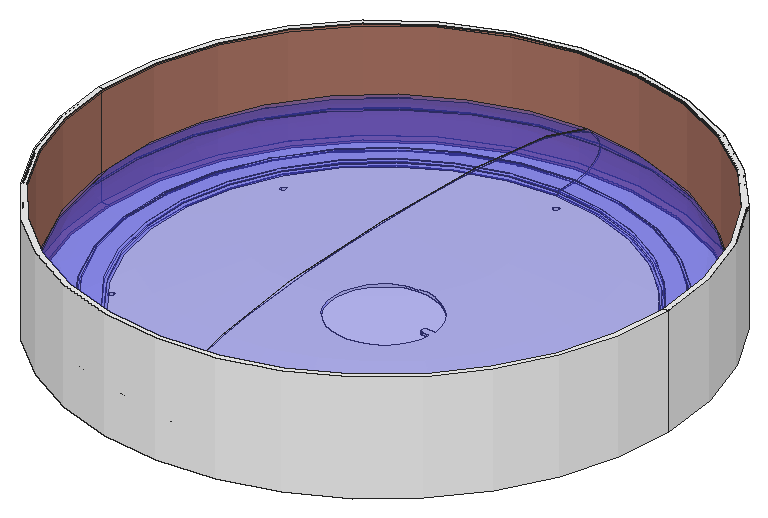
Revit family "BE_50794.6_de_DE", category Leuchten, Revit 2020
Family settings
  Basisbauteil = Fläche
  Bemaßung runder Anschluss = Durchmesser verwenden
  Teiletyp = Normal
  Beim Laden mit Abzugskörper schneiden = Ja
  Lichtquelle = Ja
  Gemeinsam genutzt = Nein
  Raumberechnungspunkt = Ja
Parameters (values of type "BEGA_50794.6_K3")
  built-in parameter 1150104 = 15.525 (stored number, unit not read)
  Wattage = 91.2 W
  Default Elevation = 0 mm
  built-in parameter 1150113 = 1 (stored number, unit not read)
  built-in parameter 1114218 = 1 (stored number, unit not read)
  Umgebungstemperatur = "25 °C"
  URL = "https://www.bega.com/de/produkt/50794.6"
  Typenkommentare = "© 2022 BEGA. Wir behalten uns das Recht vor, technische Änderungen ohne vorherige Ankündigung vorzunehmen."  # constant formula
  built-in parameter 1150134 = (empty or 0)
  built-in parameter 1150109 = 1 (stored number, unit not read)
  Strom = ""
  built-in parameter 1150110 = 1 (stored number, unit not read)
  Spannung = 239.996 V
  Sonderanfertigung = no
  Seriennummer [instance] = "Hier können Sie die eindeutige Seriennummer für das Facility Management eintragen."
  Schutzklasse = "I"
  Schutzart = "IP 20"
  Scheinlast = 0 VA
  Produktdatenblatt = "https://cdn.bega.com/bega/products/50794.6K3/current/documents/data-sheets/de"
  Oberflächentemperatur = ""
  Neigungswinkel = 0.00°
  Modell = "50794.6K3"
  Material_34 = BEGA_Oberfläche_Samtweiss_matt
  Material_29 = BEGA_Oberfläche_Kupfer_matt
  Material_22 = BEGA_finishes_aluminium_matt
  Material_17 = BEGA_Reflektor
  Material_15 = BEGA_Leuchtmedium_matt
  Material_14 = BEGA_Kunststoff_opal
  Material_11 = BEGA_Glas_opal
  Material_09 = BEGA_Glas_klar
  Material_06 = BEGA_Oberfläche_Edelstahl_gebürstet
  Material_03 = BEGA_Oberfläche_Weiss_matt
  Material_02 = BEGA_Oberfläche_Silber_matt
  Material_01 [instance] = BEGA_Oberfläche_Grafit_matt
  M_W = no
  M_G = no
  M_A = no
  Logo = 0
  built-in parameter 1114217 = 1 (stored number, unit not read)
  built-in parameter 1150139 = (empty or 0)
  built-in parameter 1150105 = 1212.8 (stored number, unit not read)
  built-in parameter 1150114 = 1 (stored number, unit not read)
  Lumens = 15240.4 lm
  built-in parameter 1150115 = 1 (stored number, unit not read)
  Leuchtenlichtstrom = "10472 lm"
  Leuchtenanzahl = ""
  Lebensdauerkriterien = "L70B50 @ 25 °C = 200000 h"
  Lastklassifizierung = Beleuchtung
  built-in parameter 1150112 = 1 (stored number, unit not read)
  Lampenlichtstrom = "15240 lm"
  Lampe = "LED 91.2 W"
  LED_Modulbezeichnung = "4 x LED-0704/930"
  Hersteller = "BEGA"  # constant formula
  Halbstreuwinkel = ""
  Gewicht = "34.7 kg"
  Gebrauchslageneinschränkung [instance] = ""
  Frequenz = "0/50-60 Hz"
  Farbwiedergabeindex = "CRI > 90"
  Farbtemperaturverschiebung bei Dämpfen der Lampe = <Keine Auswahl>
  Farbtemperatur = "3000 K"
  Color Filter = 16777215
  built-in parameter 1150133 = 10 (stored number, unit not read)
  Energieeffizienzklasse = "LED A++ - A"
  built-in parameter 1150137 = (empty or 0)
  built-in parameter 1150132 = (empty or 0)
  ENEC = "ja"
  Dimmbar [instance] = "DALI"
  Datei für fotometrisches Netz = "BE_50794-6K3.IES"
  CE_Konformität = "ja"
  Bestellnummer = "50794.6K3"
  Beschreibung_Sonderanfertigung = "Hier können Sie Informationen zur Sonderanfertigung eintragen."
  Beschreibung = "Großflächen-Deckenleuchte"
  built-in parameter 1150106 = 12.128 (stored number, unit not read)
  Befestigungsbohrung = "Ø 10 mm"
  Befestigungsabstand = ""
  Ballwurfsicher = ""
  BEGA_Intern_aus = yes
  BEGA_Intern_an = yes
  BEGA_Intern_Konstruktion = yes
  BEGA_Intern = yes
  BEGA_IES = yes
  BEGA_Dummy = no
  Anschlussleitung = ""
  Anschlussleistung [instance] = "100 W"
  Anschlusskasten = ""
  built-in parameter 1150107 = 3000 (stored number, unit not read)
  built-in parameter 1150102 = (empty or 0)
  built-in parameter 1150138 = (empty or 0)
  Aktualisierung = "2022-11-02T04:00:05"
  Abstand_zur_angestrahlten_Fläche [instance] = ""
  AC/DC = "AC/DC"
Reference planes
  plane 1 "Mitte (Vorne/Hinten)": y = 0
  plane 2: z = 0
  plane 3 "Mitte (Links/Rechts)": x = 0
  plane 4 "Links": x = -523.002
  plane 5 "Rechts": x = 522.973
  plane 6 "Unten": y = -523.098
  plane 7 "Oben": y = 523.059
  plane 8 "Vorne": z = 202.131
Forms (mm)
  Extrusion 1, solid, material "BEGA_Platte_Weiss"
    sketch origin (0, -1119.2, 0) x (1, 0, 0) y (0, 1, 0)
      loop
        line (-200, 1319.2) -> (-200, 919.2) -> (200, 919.2) -> (200, 1319.2) -> (-200, 1319.2)
    from 0 to -10
  Extrusion 2, solid, material "BEGA_Dummy_matt", visible <- "BEGA_Dummy"
    sketch origin (77.149, -76.023, 0) x (1, 0, 0) y (0, 1, 0)
      loop
        circle (-77.149, 76.023) r 523
    from 0 to 202.131
Dimensions and locks
  plane 1 "Mitte (Vorne/Hinten)" to Extrusion 1 = 200 mm
  aligned and locked: plane 2 to Extrusion 1
  aligned and locked: level to Extrusion 1
Nested families
  nested 1: "BE_50794.6_Leuchte" at (0, 0, 0), type "BE_50794.6_Leuchte"
Connectors
  electrical at (0, 0, 0), driven by "Lastklassifizierung", driven by "Spannung", driven by "Scheinlast"
    settings: index 1, voltage 239.996 V, apparent load 0 VA, apparent load phase1 0 VA, apparent load phase2 0 VA, apparent load phase3 0 VA, power factor 1, load classification "Beleuchtung", number of poles 1, system type 31, power factor state 1, is connector primary yes, connector utility no, sub classification motor no, connector description ""
Definition of nested family "BE_50794.6_Leuchte"
  Parameters (values of type "BE_50794.6_Leuchte")
    Default Elevation = 1 mm
    URL = "http://www.bega.de/de/produkt"
    Type Comments = "© 2015 BEGA. Wir behalten uns das Recht vor, technische Änderungen ohne vorherige Ankündigung vorzunehmen. "  # constant formula
    Type Image = (empty or 0)
    Material_34 = none
    Material_29 = none
    Material_22 = none
    Material_17 = none
    Material_15 = none
    Material_14 = none
    Material_11 = none
    Material_09 = none
    Material_06 = none
    Material_01 = none
    Länge_Platte = 1200 mm  # constant formula
    Höhe_Platte = -10 mm  # constant formula
    Manufacturer = "BEGA"  # constant formula
    Breite_Platte = 1200 mm  # constant formula
  Reference planes
    plane 1 "Mitte (Oben/Unten)": y = 0
    plane 2: z = 0
    plane 3 "Mitte (Links/Rechts)": x = 0
    plane 4: z = 202.131
    plane 5: x = -523.002
    plane 6: x = 522.973
    plane 7: y = 523.059
    plane 8: y = -523.098
  Forms (mm)
    Extrusion 1, solid, detail levels medium
      sketch origin (0, 0, 0) x (1, 0, 0) y (0, 1, 0)
        loop
          line (-600, 600) -> (-600, -600) -> (600, -600) -> (600, 600) -> (-600, 600)
      from 0 to -10 <- "Höhe_Platte"
    Extrusion 2, solid, material <- "Material_22"
      sketch origin (0, 0, 0) x (1, 0, 0) y (0, 1, 0)
        loop
          circle (0, 0) r 518
        loop
          arc (89.8, 6) -> (-90, 0) -> (89.8, -6) r 90
          line (89.8, -6) -> (76, -6)
          arc (76, -6) -> (70, 0) -> (76, 6) r 6
          line (76, 6) -> (89.8, 6)
      from 7 to 11.131
    Extrusion 3, void
      sketch origin (0, 0, 0) x (1, 0, 0) y (0, 1, 0)
        loop
          circle (-342.08, 197.5) r 5
        loop
          circle (0, 395) r 5
        loop
          circle (342.08, 197.5) r 5
        loop
          circle (342.08, -197.5) r 5
        loop
          circle (0, -395) r 5
        loop
          circle (-342.08, -197.5) r 5
      from 0 to 27
    Extrusion 4, solid, material <- "Material_22"
      sketch origin (0, 0, 0) x (1, 0, 0) y (0, 1, 0)
        loop
          circle (-342.08, -197.5) r 9.85
        loop
          circle (-342.08, 197.5) r 9.85
        loop
          circle (0, 395) r 9.85
        loop
          circle (342.08, 197.5) r 9.85
        loop
          circle (342.08, -197.5) r 9.85
        loop
          circle (0, -395) r 9.85
      from 0 to 9
    Revolve 5, solid, material <- "Material_34"
      sketch origin (0, 0, 0) x (1, 0, 0) y (0, 0, 1)
        loop
          line (523, 202.131) -> (514, 202.131) -> (514, 200.381) -> (521, 200.381) -> (521, 2.131) -> (523, 2.131) -> (523, 202.131)
        axis (0, 2.131) -> (0, 202.131)
      angle from 0 to 360
    Revolve 6, solid, material <- "Material_29"
      sketch origin (0, 0, 0) x (1, 0, 0) y (0, 0, 1)
        loop
          line (521, 2.131) -> (521, 200.381) -> (514, 200.381) -> (514, 198.631) -> (519, 198.631) -> (519, 15.131) -> (505.7, 15.131) -> (505.7, 11.131) -> (519, 11.131) -> (519, 2.131) -> (521, 2.131)
        axis (0, 2.131) -> (0, 200.381)
      angle from 0 to 360
    Revolve 7, solid, material <- "Material_14"
      sketch origin (0, 0, 0) x (0, 1, 0) y (0, 0, 1)
        loop
          arc (405.484, 39.35) -> (402.484, 38.546) -> (400.287, 36.35) r 6
          line (400.287, 36.35) -> (396.823, 30.35) -> (401.442, 30.35) -> (404.329, 35.35) -> (438.5, 35.35) -> (440.328, 33.522)
          arc (440.328, 33.522) -> (441.905, 32.551) -> (443.751, 32.394) r 4
          spline (443.751, 32.394) -> (451.696, 33.822) -> (459.282, 35.664) -> (466.426, 37.899) -> (473.047, 40.503) -> (479.074, 43.446) -> (484.439, 46.697) -> (489.083, 50.22) -> (492.955, 53.975) -> (496.011, 57.921) -> (498.219, 62.014) -> (499.554, 66.21) -> (500, 70.461)
          spline (500, 70.461) -> (496.365, 85.179) -> (485.474, 98.812) -> (467.369, 111.31) -> (442.118, 122.624) -> (409.819, 132.711) -> (370.595, 141.533) -> (324.596, 149.055) -> (271.998, 155.249) -> (213.002, 160.092) -> (147.834, 163.564) -> (76.742, 165.652) -> (0, 166.349)
          line (0, 166.349) -> (0, 162.349)
          spline (0, 162.349) -> (76.667, 161.653) -> (147.671, 159.567) -> (212.734, 156.1) -> (271.603, 151.268) -> (324.046, 145.093) -> (369.842, 137.604) -> (408.797, 128.844) -> (440.724, 118.875) -> (465.445, 107.801) -> (482.79, 95.843) -> (492.806, 83.354) -> (495.999, 70.46)
          spline (495.999, 70.46) -> (495.639, 67.034) -> (494.539, 63.585) -> (492.664, 60.112) -> (489.98, 56.65) -> (486.483, 53.26) -> (482.196, 50.01) -> (477.16, 46.962) -> (471.438, 44.168) -> (465.099, 41.672) -> (458.215, 39.519) -> (450.871, 37.737) -> (443.157, 36.35)
          line (443.157, 36.35) -> (441.892, 37.615)
          arc (441.892, 37.615) -> (439.953, 38.899) -> (437.672, 39.35) r 6
          line (437.672, 39.35) -> (405.484, 39.35)
        axis (0, 166.349) -> (0, 30.35)
      angle from 0 to 360
  Cuts and joins
    Extrusion 3 cuts Extrusion 2
    Extrusion 3 cuts Extrusion 4
    joined: Extrusion 2, Extrusion 4
  Dimensions and locks
    equal spacing: Extrusion 1 sketch curve, plane 3 "Mitte (Links/Rechts)", Extrusion 1 sketch curve
    equal spacing: Extrusion 1 sketch curve, plane 1 "Mitte (Oben/Unten)", Extrusion 1 sketch curve
    "Länge_Platte": Extrusion 1 sketch curve to Extrusion 1 sketch curve
    "Breite_Platte": Extrusion 1 sketch curve to Extrusion 1 sketch curve
    aligned and locked: Extrusion 1 to plane 2
    aligned and locked: level to Extrusion 1
  Automatic sketch dimensions
    Extrusion 2 sketch curve to Extrusion 2 sketch curve = 0 mm  (x3)
    plane 1 "Mitte (Oben/Unten)" to Extrusion 2 sketch curve = 0 mm  (x2)
    Extrusion 2 sketch curve to plane 3 "Mitte (Links/Rechts)" = 0 mm
    plane 1 "Mitte (Oben/Unten)" to Extrusion 2 sketch curve = 6 mm
    Extrusion 2 sketch curve to Extrusion 2 sketch curve = 13.8 mm
    plane 3 "Mitte (Links/Rechts)" to Extrusion 2 sketch curve = 76 mm
    Revolve 5 sketch curve to plane 3 "Mitte (Links/Rechts)" = 0 mm
    level to Revolve 5 sketch curve = 202.131 mm
    plane 3 "Mitte (Links/Rechts)" to Revolve 5 sketch curve = 514 mm
    level to Revolve 5 sketch curve = 2.131 mm
    Revolve 5 sketch curve to Revolve 5 sketch curve = 9 mm
    Revolve 5 sketch curve to Revolve 5 sketch curve = 2 mm
    Revolve 5 sketch curve to level = 609.6 mm
    Revolve 5 sketch curve to Revolve 5 sketch curve = 1.75 mm
    Revolve 5 sketch curve to Revolve 5 sketch curve = 2406.927 mm
    level to Revolve 6 sketch curve = 15.131 mm
    plane 3 "Mitte (Links/Rechts)" to Revolve 6 sketch curve = 505.7 mm
    Revolve 6 sketch curve to Revolve 6 sketch curve = 5 mm
    Revolve 6 sketch curve to Revolve 6 sketch curve = 0 mm
    Revolve 6 sketch curve to Revolve 6 sketch curve = 4 mm
    level to Revolve 6 sketch curve = 2.131 mm
    Revolve 6 sketch curve to Revolve 6 sketch curve = 183.5 mm
    Revolve 6 sketch curve to Revolve 6 sketch curve = 2 mm
    Revolve 6 sketch curve to Revolve 6 sketch curve = 1.75 mm
    Revolve 6 sketch curve to Revolve 6 sketch curve = 8.3 mm
    Revolve 6 sketch curve to plane 3 "Mitte (Links/Rechts)" = 0 mm
    Revolve 6 sketch curve to level = 609.6 mm
    Revolve 6 sketch curve to Revolve 6 sketch curve = 2408.677 mm
    Revolve 7 sketch curve to plane 1 "Mitte (Oben/Unten)" = 0 mm  (x2)
    level to Revolve 7 sketch curve = 30.35 mm
    Revolve 7 sketch curve to plane 1 "Mitte (Oben/Unten)" = 396.823 mm
    Revolve 7 sketch curve to Revolve 7 sketch curve = 4.619 mm
    Revolve 7 sketch curve to Revolve 7 sketch curve = 2.887 mm
    Revolve 7 sketch curve to Revolve 7 sketch curve = 1.155 mm
    Revolve 7 sketch curve to Revolve 7 sketch curve = 32.188 mm
    Revolve 7 sketch curve to Revolve 7 sketch curve = 0.828 mm
    level to Revolve 7 sketch curve = 37.615 mm
    Revolve 7 sketch curve to Revolve 7 sketch curve = 3.392 mm
    Revolve 7 sketch curve to Revolve 7 sketch curve = 1.265 mm  (x2)
    Revolve 7 sketch curve to Revolve 7 sketch curve = 4.265 mm
    Revolve 7 sketch curve to Revolve 7 sketch curve = 3 mm
    Revolve 7 sketch curve to Revolve 7 sketch curve = 2 mm
    level to Revolve 7 sketch curve = 162.349 mm
    Revolve 7 sketch curve to Revolve 7 sketch curve = 4 mm
    Revolve 7 sketch curve to level = 198.183 mm
    level to Revolve 7 sketch curve = 36.35 mm  (x2)
    Revolve 7 sketch curve to Revolve 7 sketch curve = 4.041 mm
    Revolve 7 sketch curve to Revolve 7 sketch curve = 0 mm  (x3)
    Revolve 7 sketch curve to Revolve 7 sketch curve = 13.738 mm
    level to Revolve 7 sketch curve = 33.522 mm
    Revolve 7 sketch curve to Revolve 7 sketch curve = 1.828 mm
    Revolve 7 sketch curve to Revolve 7 sketch curve = 3.422 mm
    Revolve 7 sketch curve to Revolve 7 sketch curve = 0.002 mm
    Revolve 7 sketch curve to level = 609.6 mm
    Revolve 7 sketch curve to Revolve 7 sketch curve = 1.127 mm
    Revolve 7 sketch curve to Revolve 7 sketch curve = 2177.457 mm
    plane 1 "Mitte (Oben/Unten)" to Revolve 7 sketch curve = 1400.809 mm
    Revolve 7 sketch curve to Revolve 7 sketch curve = 56.527 mm
    Revolve 7 sketch curve to Revolve 7 sketch curve = 4.719 mm
    level to Revolve 7 sketch curve = 70.46 mm
    Revolve 7 sketch curve to Revolve 7 sketch curve = 4.001 mm
    radius of Extrusion 2 sketch curve = 518 mm
